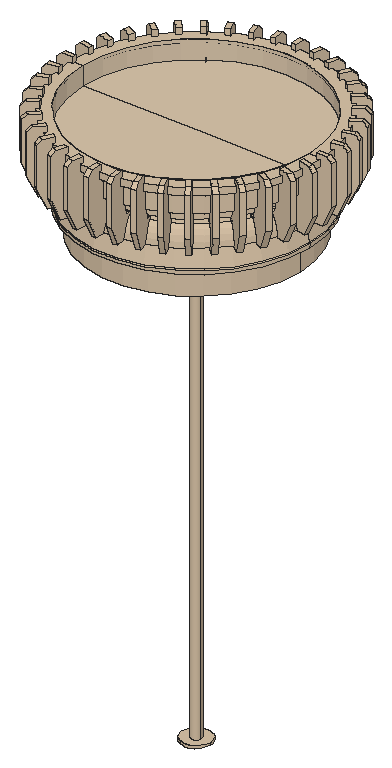
Revit family "KHL_Kemlux-Pendant", category Lighting Fixtures, host Face, Revit 2021
Family settings
  Host = Face
  Round Connector Dimension = Use Diameter
  Part Type = Normal
  OmniClass Number = 23.80.70.14
  OmniClass Title = Luminaries for External Lighting
  Cut with Voids When Loaded = No
  Light Source = Yes
  Shared = No
  Room Calculation Point = No
Parameters (values of type "KHL-18L-X-5K-5M")
  Wattage Comments = "43 Watts, 18 LEDs"
  Wattage = 43 W
  Watt = 43 W
  built-in parameter 1150110 = 1 (stored number, unit not read)
  Voltage = 277 V
  URL = "www.currentlighting.com/columbialighting"
  built-in parameter 1114217 = 1 (stored number, unit not read)
  Tilt Angle = -90.00°
  built-in parameter 1150109 = 1 (stored number, unit not read)
  built-in parameter 1150134 = 2
  built-in parameter 1150113 = 1 (stored number, unit not read)
  Product Page URL = ""
  Product Documentation Link = ""
  Power Factor = 1
  Photometric Web File = "KXL-18L-X-5K-5M.ies"
  Pendent Height [instance] = 2' - 0"
  Optics = "Type V Square"
  Model = "KHL - Kemlux III LED"  # constant formula
  Material Finish = Tan
  Manufacturer = "Columbia Lighting"  # constant formula
  built-in parameter 1150105 = 345.6 (stored number, unit not read)
  Lumens = 4343 lm
  built-in parameter 1150115 = 1 (stored number, unit not read)
  Load Classification = Lighting
  built-in parameter 1150137 = (empty or 0)
  built-in parameter 1150139 = (empty or 0)
  built-in parameter 1150112 = 1 (stored number, unit not read)
  built-in parameter 1150114 = 1 (stored number, unit not read)
  Lamp = "18 High Performanc LEDs"
  built-in parameter 1150132 = (empty or 0)
  built-in parameter 1150102 = (empty or 0)
  built-in parameter 1150107 = 5000 (stored number, unit not read)
  built-in parameter 1150138 = (empty or 0)
  built-in parameter 1150106 = 3.456 (stored number, unit not read)
  Glass = White Glass
  Emit from Circle Diameter = 0' - 11"
  Emit Shape Visible in Rendering = no
  built-in parameter 1150104 = 9.3832 (stored number, unit not read)
  Dimming Lamp Color Temperature Shift = <None>
  Description = "Class I, Division 2 LED Fixture Series"  # constant formula
  Default Elevation = 4' - 0"
  Color Filter = 16777215
  built-in parameter 1114218 = 1 (stored number, unit not read)
  built-in parameter 1150133 = 10 (stored number, unit not read)
  Apparent Load = Watt / Power Factor  # 43 VA
Reference planes (in)
  plane 1 "Center (Front/Back)": y = 0
  plane 2: z = 0
  plane 3 "Center (Left/Right)": x = 0
  plane 4: z = 24
  plane 5: x = -7
  plane 6: x = 7
  plane 7: z = 0.125
  plane 8: z = 29
Forms (in)
  Extrusion 1, solid, material "Tan" <- "Material Finish"
    sketch origin (0, 0, 0) x (1, 0, 0) y (0, 1, 0)
      loop
        circle (0, 0) r 0.75
    from 0 to 0.125
  Extrusion 2, solid, material "Tan" <- "Material Finish"
    sketch origin (0, 0, 0) x (1, 0, 0) y (0, 1, 0)
      loop
        circle (0, 0) r 0.25
    from 0.125 to 24
Dimensions and locks (in)
  "Pendent Height": plane 4 to plane 2
  equal spacing: plane 6, plane 3 "Center (Left/Right)", plane 5, locked at 7 each
  plane 7 to plane 2 = 0' - 0 1/8"
  locked: plane 8 to plane 4 at 5
  aligned and locked: plane 2 to host face
  aligned and locked: level to host face
  aligned and locked: nested 1 to plane 3 "Center (Left/Right)"
  aligned and locked: nested 1 to plane 1 "Center (Front/Back)"
  aligned and locked: plane 3 "Center (Left/Right)" to imposter light
  aligned and locked: imposter light to plane 1 "Center (Front/Back)"
  aligned and locked: plane 7 to Extrusion 1
  aligned and locked: Extrusion 1 to plane 2
  aligned and locked: Extrusion 2 to plane 7
  aligned and locked: plane 4 to Extrusion 2
  aligned and locked: plane 8 to imposter light
Automatic sketch dimensions
  host sketch curve to host sketch curve = 8' - 0"  (x2)
  plane 1 "Center (Front/Back)" to Extrusion 1 sketch curve = 0' - 0"
  Extrusion 1 sketch curve to plane 3 "Center (Left/Right)" = 0' - 0"
  plane 1 "Center (Front/Back)" to Extrusion 2 sketch curve = 0' - 0"
  Extrusion 2 sketch curve to plane 3 "Center (Left/Right)" = 0' - 0"
  radius of Extrusion 1 sketch curve = 0' - 0 3/4"
  radius of Extrusion 2 sketch curve = 0' - 0 1/4"
Nested families (in)
  nested 1: "KHL" at (0, 0, 24) x (-1, 0, 0) z (0, 0, 1), type "KHL"
Connectors (in)
  electrical at (0, 0, 0), driven by "Load Classification", driven by "Voltage", driven by "Apparent Load", driven by "Power Factor"
    settings: on Extrusion 1, index 1, voltage 277 V, apparent load 43 VA, apparent load phase1 0 VA, apparent load phase2 0 VA, apparent load phase3 0 VA, power factor 1, load classification "Lighting", number of poles 1, system type 30, power factor state 1, is connector primary yes, connector utility no, sub classification motor no, connector description "Lighting Connector"
Definition of nested family "KHL"
  Parameters
    Wattage Comments = ""
    URL = ""
    Model = ""
    Material Finish = none
    Manufacturer = ""
    Lamp = ""
    IES FILE LINK = ""
    Glass = none
    Description = ""
    Default Elevation = 4' - 0"
    Apparent Load = 0 VA
  Reference planes (in)
    plane 1 "Center (Front/Back)": y = 0
    plane 2: z = 0
    plane 3 "Center (Left/Right)": x = 0
    plane 4: z = 6
    plane 5: x = -7.25
    plane 6: x = 7.25
    plane 7: x = -5.5
    plane 8: x = 5.5
  Forms (in)
    Extrusion 1, solid
      sketch origin (0, 0, 0) x (1, 0, 0) y (0, 1, 0)
        loop
          line (-48, 48) -> (-48, -48) -> (48, -48) -> (48, 48) -> (-48, 48)
      from 0 to -12
    Revolve 2, solid, material <- "Material Finish"
      sketch origin (0, 0, 0) x (1, 0, 0) y (0, 0, 1)
        loop
          line (5.5, 0) -> (5.5, 1.3125) -> (6, 1.3125) -> (6, 1.47979) -> (5.5, 1.47979) -> (5.5, 1.5625) -> (5.99031, 1.5625) -> (5.73742, 2.6875) -> (6.24933, 2.6875)
          arc (6.24933, 2.6875) -> (6.15662, 3.19814) -> (5.89032, 3.6436) r 1.45262
          line (5.89032, 3.6436) -> (5.5, 3.6436) -> (5.5, 4.37254) -> (6.34375, 4.37254) -> (6.34375, 5.37007) -> (6.59375, 5.37007) -> (6.59375, 5.71977) -> (5.95302, 5.71977) -> (5.95302, 4.75) -> (0, 4.75) -> (0, 0) -> (5.5, 0)
        axis (0, 5.71977) -> (0, 0)
      angle from 0 to 360
    Extrusion 3, solid, material <- "Glass"
      sketch origin (0, 0, 0) x (1, 0, 0) y (0, 1, 0)
        loop
          circle (0, 0) r 5.95302
      from 5.71977 to 5.56262
    Extrusion 4, solid, material <- "Material Finish"
      sketch origin (0, 0, 0) x (1, 0, 0) y (0, 0, 1)
        loop
          line (6.42821, 6) -> (6.42821, 5.66655) -> (6.045, 3.7335) -> (5.75, 3.7335) -> (5.75, 3.06247) -> (6.1875, 3.06247) -> (6.31956, 2.66852) -> (6.75, 2.66852) -> (7.25, 3.69367) -> (7.25, 5.75) -> (7, 6) -> (6.42821, 6)
      from 0.125 to -0.125
    Extrusion 5, solid, material <- "Material Finish"
      sketch origin (0, 0, 0) x (0.987688, -0.156434, 0) y (0, 0, 1)
        loop
          line (6.42821, 6) -> (6.42821, 5.66655) -> (6.045, 3.7335) -> (5.75, 3.7335) -> (5.75, 3.06247) -> (6.1875, 3.06247) -> (6.31956, 2.66852) -> (6.75, 2.66852) -> (7.25, 3.69367) -> (7.25, 5.75) -> (7, 6) -> (6.42821, 6)
      from 0.125 to -0.125
    Extrusion 6, solid, material <- "Material Finish"
      sketch origin (0, 0, 0) x (0.951057, -0.309017, 0) y (0, 0, 1)
        loop
          line (6.42821, 6) -> (6.42821, 5.66655) -> (6.045, 3.7335) -> (5.75, 3.7335) -> (5.75, 3.06247) -> (6.1875, 3.06247) -> (6.31956, 2.66852) -> (6.75, 2.66852) -> (7.25, 3.69367) -> (7.25, 5.75) -> (7, 6) -> (6.42821, 6)
      from 0.125 to -0.125
    Extrusion 7, solid, material <- "Material Finish"
      sketch origin (0, 0, 0) x (0.891007, -0.45399, 0) y (0, 0, 1)
        loop
          line (6.42821, 6) -> (6.42821, 5.66655) -> (6.045, 3.7335) -> (5.75, 3.7335) -> (5.75, 3.06247) -> (6.1875, 3.06247) -> (6.31956, 2.66852) -> (6.75, 2.66852) -> (7.25, 3.69367) -> (7.25, 5.75) -> (7, 6) -> (6.42821, 6)
      from 0.125 to -0.125
    Extrusion 8, solid, material <- "Material Finish"
      sketch origin (0, 0, 0) x (0.809017, -0.587785, 0) y (0, 0, 1)
        loop
          line (6.42821, 6) -> (6.42821, 5.66655) -> (6.045, 3.7335) -> (5.75, 3.7335) -> (5.75, 3.06247) -> (6.1875, 3.06247) -> (6.31956, 2.66852) -> (6.75, 2.66852) -> (7.25, 3.69367) -> (7.25, 5.75) -> (7, 6) -> (6.42821, 6)
      from 0.125 to -0.125
    Extrusion 9, solid, material <- "Material Finish"
      sketch origin (0, 0, 0) x (0.707107, -0.707107, 0) y (0, 0, 1)
        loop
          line (6.42821, 6) -> (6.42821, 5.66655) -> (6.045, 3.7335) -> (5.75, 3.7335) -> (5.75, 3.06247) -> (6.1875, 3.06247) -> (6.31956, 2.66852) -> (6.75, 2.66852) -> (7.25, 3.69367) -> (7.25, 5.75) -> (7, 6) -> (6.42821, 6)
      from 0.125 to -0.125
    Extrusion 10, solid, material <- "Material Finish"
      sketch origin (0, 0, 0) x (0.587785, -0.809017, 0) y (0, 0, 1)
        loop
          line (6.42821, 6) -> (6.42821, 5.66655) -> (6.045, 3.7335) -> (5.75, 3.7335) -> (5.75, 3.06247) -> (6.1875, 3.06247) -> (6.31956, 2.66852) -> (6.75, 2.66852) -> (7.25, 3.69367) -> (7.25, 5.75) -> (7, 6) -> (6.42821, 6)
      from 0.125 to -0.125
    Extrusion 11, solid, material <- "Material Finish"
      sketch origin (0, 0, 0) x (0.45399, -0.891007, 0) y (0, 0, 1)
        loop
          line (6.42821, 6) -> (6.42821, 5.66655) -> (6.045, 3.7335) -> (5.75, 3.7335) -> (5.75, 3.06247) -> (6.1875, 3.06247) -> (6.31956, 2.66852) -> (6.75, 2.66852) -> (7.25, 3.69367) -> (7.25, 5.75) -> (7, 6) -> (6.42821, 6)
      from 0.125 to -0.125
    Extrusion 12, solid, material <- "Material Finish"
      sketch origin (0, 0, 0) x (0.309017, -0.951057, 0) y (0, 0, 1)
        loop
          line (6.42821, 6) -> (6.42821, 5.66655) -> (6.045, 3.7335) -> (5.75, 3.7335) -> (5.75, 3.06247) -> (6.1875, 3.06247) -> (6.31956, 2.66852) -> (6.75, 2.66852) -> (7.25, 3.69367) -> (7.25, 5.75) -> (7, 6) -> (6.42821, 6)
      from 0.125 to -0.125
    Extrusion 13, solid, material <- "Material Finish"
      sketch origin (0, 0, 0) x (0.156434, -0.987688, 0) y (0, 0, 1)
        loop
          line (6.42821, 6) -> (6.42821, 5.66655) -> (6.045, 3.7335) -> (5.75, 3.7335) -> (5.75, 3.06247) -> (6.1875, 3.06247) -> (6.31956, 2.66852) -> (6.75, 2.66852) -> (7.25, 3.69367) -> (7.25, 5.75) -> (7, 6) -> (6.42821, 6)
      from 0.125 to -0.125
    Extrusion 14, solid, material <- "Material Finish"
      sketch origin (0, 0, 0) x (0, -1, 0) y (0, 0, 1)
        loop
          line (6.42821, 6) -> (6.42821, 5.66655) -> (6.045, 3.7335) -> (5.75, 3.7335) -> (5.75, 3.06247) -> (6.1875, 3.06247) -> (6.31956, 2.66852) -> (6.75, 2.66852) -> (7.25, 3.69367) -> (7.25, 5.75) -> (7, 6) -> (6.42821, 6)
      from 0.125 to -0.125
    Extrusion 15, solid, material <- "Material Finish"
      sketch origin (0, 0, 0) x (-0.156434, -0.987688, 0) y (0, 0, 1)
        loop
          line (6.42821, 6) -> (6.42821, 5.66655) -> (6.045, 3.7335) -> (5.75, 3.7335) -> (5.75, 3.06247) -> (6.1875, 3.06247) -> (6.31956, 2.66852) -> (6.75, 2.66852) -> (7.25, 3.69367) -> (7.25, 5.75) -> (7, 6) -> (6.42821, 6)
      from 0.125 to -0.125
    Extrusion 16, solid, material <- "Material Finish"
      sketch origin (0, 0, 0) x (-0.309017, -0.951057, 0) y (0, 0, 1)
        loop
          line (6.42821, 6) -> (6.42821, 5.66655) -> (6.045, 3.7335) -> (5.75, 3.7335) -> (5.75, 3.06247) -> (6.1875, 3.06247) -> (6.31956, 2.66852) -> (6.75, 2.66852) -> (7.25, 3.69367) -> (7.25, 5.75) -> (7, 6) -> (6.42821, 6)
      from 0.125 to -0.125
    Extrusion 17, solid, material <- "Material Finish"
      sketch origin (0, 0, 0) x (-0.45399, -0.891007, 0) y (0, 0, 1)
        loop
          line (6.42821, 6) -> (6.42821, 5.66655) -> (6.045, 3.7335) -> (5.75, 3.7335) -> (5.75, 3.06247) -> (6.1875, 3.06247) -> (6.31956, 2.66852) -> (6.75, 2.66852) -> (7.25, 3.69367) -> (7.25, 5.75) -> (7, 6) -> (6.42821, 6)
      from 0.125 to -0.125
    Extrusion 18, solid, material <- "Material Finish"
      sketch origin (0, 0, 0) x (-0.587785, -0.809017, 0) y (0, 0, 1)
        loop
          line (6.42821, 6) -> (6.42821, 5.66655) -> (6.045, 3.7335) -> (5.75, 3.7335) -> (5.75, 3.06247) -> (6.1875, 3.06247) -> (6.31956, 2.66852) -> (6.75, 2.66852) -> (7.25, 3.69367) -> (7.25, 5.75) -> (7, 6) -> (6.42821, 6)
      from 0.125 to -0.125
    Extrusion 19, solid, material <- "Material Finish"
      sketch origin (0, 0, 0) x (-0.707107, -0.707107, 0) y (0, 0, 1)
        loop
          line (6.42821, 6) -> (6.42821, 5.66655) -> (6.045, 3.7335) -> (5.75, 3.7335) -> (5.75, 3.06247) -> (6.1875, 3.06247) -> (6.31956, 2.66852) -> (6.75, 2.66852) -> (7.25, 3.69367) -> (7.25, 5.75) -> (7, 6) -> (6.42821, 6)
      from 0.125 to -0.125
    Extrusion 20, solid, material <- "Material Finish"
      sketch origin (0, 0, 0) x (-0.809017, -0.587785, 0) y (0, 0, 1)
        loop
          line (6.42821, 6) -> (6.42821, 5.66655) -> (6.045, 3.7335) -> (5.75, 3.7335) -> (5.75, 3.06247) -> (6.1875, 3.06247) -> (6.31956, 2.66852) -> (6.75, 2.66852) -> (7.25, 3.69367) -> (7.25, 5.75) -> (7, 6) -> (6.42821, 6)
      from 0.125 to -0.125
    Extrusion 21, solid, material <- "Material Finish"
      sketch origin (0, 0, 0) x (-0.891007, -0.45399, 0) y (0, 0, 1)
        loop
          line (6.42821, 6) -> (6.42821, 5.66655) -> (6.045, 3.7335) -> (5.75, 3.7335) -> (5.75, 3.06247) -> (6.1875, 3.06247) -> (6.31956, 2.66852) -> (6.75, 2.66852) -> (7.25, 3.69367) -> (7.25, 5.75) -> (7, 6) -> (6.42821, 6)
      from 0.125 to -0.125
    Extrusion 22, solid, material <- "Material Finish"
      sketch origin (0, 0, 0) x (-0.951057, -0.309017, 0) y (0, 0, 1)
        loop
          line (6.42821, 6) -> (6.42821, 5.66655) -> (6.045, 3.7335) -> (5.75, 3.7335) -> (5.75, 3.06247) -> (6.1875, 3.06247) -> (6.31956, 2.66852) -> (6.75, 2.66852) -> (7.25, 3.69367) -> (7.25, 5.75) -> (7, 6) -> (6.42821, 6)
      from 0.125 to -0.125
    Extrusion 23, solid, material <- "Material Finish"
      sketch origin (0, 0, 0) x (-0.987688, -0.156434, 0) y (0, 0, 1)
        loop
          line (6.42821, 6) -> (6.42821, 5.66655) -> (6.045, 3.7335) -> (5.75, 3.7335) -> (5.75, 3.06247) -> (6.1875, 3.06247) -> (6.31956, 2.66852) -> (6.75, 2.66852) -> (7.25, 3.69367) -> (7.25, 5.75) -> (7, 6) -> (6.42821, 6)
      from 0.125 to -0.125
    Extrusion 24, solid, material <- "Material Finish"
      sketch origin (0, 0, 0) x (-1, 0, 0) y (0, 0, 1)
        loop
          line (6.42821, 6) -> (6.42821, 5.66655) -> (6.045, 3.7335) -> (5.75, 3.7335) -> (5.75, 3.06247) -> (6.1875, 3.06247) -> (6.31956, 2.66852) -> (6.75, 2.66852) -> (7.25, 3.69367) -> (7.25, 5.75) -> (7, 6) -> (6.42821, 6)
      from 0.125 to -0.125
    Extrusion 25, solid, material <- "Material Finish"
      sketch origin (0, 0, 0) x (-0.987688, 0.156434, 0) y (0, 0, 1)
        loop
          line (6.42821, 6) -> (6.42821, 5.66655) -> (6.045, 3.7335) -> (5.75, 3.7335) -> (5.75, 3.06247) -> (6.1875, 3.06247) -> (6.31956, 2.66852) -> (6.75, 2.66852) -> (7.25, 3.69367) -> (7.25, 5.75) -> (7, 6) -> (6.42821, 6)
      from 0.125 to -0.125
    Extrusion 26, solid, material <- "Material Finish"
      sketch origin (0, 0, 0) x (-0.951057, 0.309017, 0) y (0, 0, 1)
        loop
          line (6.42821, 6) -> (6.42821, 5.66655) -> (6.045, 3.7335) -> (5.75, 3.7335) -> (5.75, 3.06247) -> (6.1875, 3.06247) -> (6.31956, 2.66852) -> (6.75, 2.66852) -> (7.25, 3.69367) -> (7.25, 5.75) -> (7, 6) -> (6.42821, 6)
      from 0.125 to -0.125
    Extrusion 27, solid, material <- "Material Finish"
      sketch origin (0, 0, 0) x (-0.891007, 0.45399, 0) y (0, 0, 1)
        loop
          line (6.42821, 6) -> (6.42821, 5.66655) -> (6.045, 3.7335) -> (5.75, 3.7335) -> (5.75, 3.06247) -> (6.1875, 3.06247) -> (6.31956, 2.66852) -> (6.75, 2.66852) -> (7.25, 3.69367) -> (7.25, 5.75) -> (7, 6) -> (6.42821, 6)
      from 0.125 to -0.125
    Extrusion 28, solid, material <- "Material Finish"
      sketch origin (0, 0, 0) x (-0.809017, 0.587785, 0) y (0, 0, 1)
        loop
          line (6.42821, 6) -> (6.42821, 5.66655) -> (6.045, 3.7335) -> (5.75, 3.7335) -> (5.75, 3.06247) -> (6.1875, 3.06247) -> (6.31956, 2.66852) -> (6.75, 2.66852) -> (7.25, 3.69367) -> (7.25, 5.75) -> (7, 6) -> (6.42821, 6)
      from 0.125 to -0.125
    Extrusion 29, solid, material <- "Material Finish"
      sketch origin (0, 0, 0) x (-0.707107, 0.707107, 0) y (0, 0, 1)
        loop
          line (6.42821, 6) -> (6.42821, 5.66655) -> (6.045, 3.7335) -> (5.75, 3.7335) -> (5.75, 3.06247) -> (6.1875, 3.06247) -> (6.31956, 2.66852) -> (6.75, 2.66852) -> (7.25, 3.69367) -> (7.25, 5.75) -> (7, 6) -> (6.42821, 6)
      from 0.125 to -0.125
    Extrusion 30, solid, material <- "Material Finish"
      sketch origin (0, 0, 0) x (-0.587785, 0.809017, 0) y (0, 0, 1)
        loop
          line (6.42821, 6) -> (6.42821, 5.66655) -> (6.045, 3.7335) -> (5.75, 3.7335) -> (5.75, 3.06247) -> (6.1875, 3.06247) -> (6.31956, 2.66852) -> (6.75, 2.66852) -> (7.25, 3.69367) -> (7.25, 5.75) -> (7, 6) -> (6.42821, 6)
      from 0.125 to -0.125
    Extrusion 31, solid, material <- "Material Finish"
      sketch origin (0, 0, 0) x (-0.45399, 0.891007, 0) y (0, 0, 1)
        loop
          line (6.42821, 6) -> (6.42821, 5.66655) -> (6.045, 3.7335) -> (5.75, 3.7335) -> (5.75, 3.06247) -> (6.1875, 3.06247) -> (6.31956, 2.66852) -> (6.75, 2.66852) -> (7.25, 3.69367) -> (7.25, 5.75) -> (7, 6) -> (6.42821, 6)
      from 0.125 to -0.125
    Extrusion 32, solid, material <- "Material Finish"
      sketch origin (0, 0, 0) x (-0.309017, 0.951057, 0) y (0, 0, 1)
        loop
          line (6.42821, 6) -> (6.42821, 5.66655) -> (6.045, 3.7335) -> (5.75, 3.7335) -> (5.75, 3.06247) -> (6.1875, 3.06247) -> (6.31956, 2.66852) -> (6.75, 2.66852) -> (7.25, 3.69367) -> (7.25, 5.75) -> (7, 6) -> (6.42821, 6)
      from 0.125 to -0.125
    Extrusion 33, solid, material <- "Material Finish"
      sketch origin (0, 0, 0) x (-0.156434, 0.987688, 0) y (0, 0, 1)
        loop
          line (6.42821, 6) -> (6.42821, 5.66655) -> (6.045, 3.7335) -> (5.75, 3.7335) -> (5.75, 3.06247) -> (6.1875, 3.06247) -> (6.31956, 2.66852) -> (6.75, 2.66852) -> (7.25, 3.69367) -> (7.25, 5.75) -> (7, 6) -> (6.42821, 6)
      from 0.125 to -0.125
    Extrusion 34, solid, material <- "Material Finish"
      sketch origin (0, 0, 0) x (0, 1, 0) y (0, 0, 1)
        loop
          line (6.42821, 6) -> (6.42821, 5.66655) -> (6.045, 3.7335) -> (5.75, 3.7335) -> (5.75, 3.06247) -> (6.1875, 3.06247) -> (6.31956, 2.66852) -> (6.75, 2.66852) -> (7.25, 3.69367) -> (7.25, 5.75) -> (7, 6) -> (6.42821, 6)
      from 0.125 to -0.125
    Extrusion 35, solid, material <- "Material Finish"
      sketch origin (0, 0, 0) x (0.156434, 0.987688, 0) y (0, 0, 1)
        loop
          line (6.42821, 6) -> (6.42821, 5.66655) -> (6.045, 3.7335) -> (5.75, 3.7335) -> (5.75, 3.06247) -> (6.1875, 3.06247) -> (6.31956, 2.66852) -> (6.75, 2.66852) -> (7.25, 3.69367) -> (7.25, 5.75) -> (7, 6) -> (6.42821, 6)
      from 0.125 to -0.125
    Extrusion 36, solid, material <- "Material Finish"
      sketch origin (0, 0, 0) x (0.309017, 0.951057, 0) y (0, 0, 1)
        loop
          line (6.42821, 6) -> (6.42821, 5.66655) -> (6.045, 3.7335) -> (5.75, 3.7335) -> (5.75, 3.06247) -> (6.1875, 3.06247) -> (6.31956, 2.66852) -> (6.75, 2.66852) -> (7.25, 3.69367) -> (7.25, 5.75) -> (7, 6) -> (6.42821, 6)
      from 0.125 to -0.125
    Extrusion 37, solid, material <- "Material Finish"
      sketch origin (0, 0, 0) x (0.45399, 0.891007, 0) y (0, 0, 1)
        loop
          line (6.42821, 6) -> (6.42821, 5.66655) -> (6.045, 3.7335) -> (5.75, 3.7335) -> (5.75, 3.06247) -> (6.1875, 3.06247) -> (6.31956, 2.66852) -> (6.75, 2.66852) -> (7.25, 3.69367) -> (7.25, 5.75) -> (7, 6) -> (6.42821, 6)
      from 0.125 to -0.125
    Extrusion 38, solid, material <- "Material Finish"
      sketch origin (0, 0, 0) x (0.587785, 0.809017, 0) y (0, 0, 1)
        loop
          line (6.42821, 6) -> (6.42821, 5.66655) -> (6.045, 3.7335) -> (5.75, 3.7335) -> (5.75, 3.06247) -> (6.1875, 3.06247) -> (6.31956, 2.66852) -> (6.75, 2.66852) -> (7.25, 3.69367) -> (7.25, 5.75) -> (7, 6) -> (6.42821, 6)
      from 0.125 to -0.125
    Extrusion 39, solid, material <- "Material Finish"
      sketch origin (0, 0, 0) x (0.707107, 0.707107, 0) y (0, 0, 1)
        loop
          line (6.42821, 6) -> (6.42821, 5.66655) -> (6.045, 3.7335) -> (5.75, 3.7335) -> (5.75, 3.06247) -> (6.1875, 3.06247) -> (6.31956, 2.66852) -> (6.75, 2.66852) -> (7.25, 3.69367) -> (7.25, 5.75) -> (7, 6) -> (6.42821, 6)
      from 0.125 to -0.125
    Extrusion 40, solid, material <- "Material Finish"
      sketch origin (0, 0, 0) x (0.809017, 0.587785, 0) y (0, 0, 1)
        loop
          line (6.42821, 6) -> (6.42821, 5.66655) -> (6.045, 3.7335) -> (5.75, 3.7335) -> (5.75, 3.06247) -> (6.1875, 3.06247) -> (6.31956, 2.66852) -> (6.75, 2.66852) -> (7.25, 3.69367) -> (7.25, 5.75) -> (7, 6) -> (6.42821, 6)
      from 0.125 to -0.125
    Extrusion 41, solid, material <- "Material Finish"
      sketch origin (0, 0, 0) x (0.891007, 0.45399, 0) y (0, 0, 1)
        loop
          line (6.42821, 6) -> (6.42821, 5.66655) -> (6.045, 3.7335) -> (5.75, 3.7335) -> (5.75, 3.06247) -> (6.1875, 3.06247) -> (6.31956, 2.66852) -> (6.75, 2.66852) -> (7.25, 3.69367) -> (7.25, 5.75) -> (7, 6) -> (6.42821, 6)
      from 0.125 to -0.125
    Extrusion 42, solid, material <- "Material Finish"
      sketch origin (0, 0, 0) x (0.951057, 0.309017, 0) y (0, 0, 1)
        loop
          line (6.42821, 6) -> (6.42821, 5.66655) -> (6.045, 3.7335) -> (5.75, 3.7335) -> (5.75, 3.06247) -> (6.1875, 3.06247) -> (6.31956, 2.66852) -> (6.75, 2.66852) -> (7.25, 3.69367) -> (7.25, 5.75) -> (7, 6) -> (6.42821, 6)
      from 0.125 to -0.125
    Extrusion 43, solid, material <- "Material Finish"
      sketch origin (0, 0, 0) x (0.987688, 0.156434, 0) y (0, 0, 1)
        loop
          line (6.42821, 6) -> (6.42821, 5.66655) -> (6.045, 3.7335) -> (5.75, 3.7335) -> (5.75, 3.06247) -> (6.1875, 3.06247) -> (6.31956, 2.66852) -> (6.75, 2.66852) -> (7.25, 3.69367) -> (7.25, 5.75) -> (7, 6) -> (6.42821, 6)
      from 0.125 to -0.125
  Lines and regions (in)
    reference lines
      curve 1: line (5.95302, 0, 4.75) -> (0, 0, 4.75)
      curve 2: line (5.95302, 0, 5.92266) -> (5.95302, 0, 4.75)
      curve 3: line (6.59375, 0, 5.37007) -> (6.59375, 0, 5.92266)
      curve 4: line (6.34375, 0, 5.37007) -> (6.59375, 0, 5.37007)
      curve 5: line (6.34375, 0, 4.37254) -> (5.5, 0, 4.37254)
      curve 6: line (6.34375, 0, 4.37254) -> (6.34375, 0, 5.37007)
      curve 7: arc (6.25, 0, 2.75) -> (6.14885, 0, 3.28681) -> (5.85927, 0, 3.75) r 1.47501
      curve 8: line (5.85927, 0, 2.75) -> (6.25, 0, 2.75)
      curve 9: line (5.85927, 0, 2.75) -> (5.85927, 0, 1.75)
      curve 10: line (5.85927, 0, 1.75) -> (4.74529, 0, 1.75)
      curve 11: line (5.85927, 0, 3.75) -> (4.8978, 0, 3.75)
      curve 12: line (5.10824, 0, 5.71977) -> (6.99125, 0, 5.71977)
  Dimensions and locks (in)
    locked: plane 4 to plane 2 at 6
    equal spacing: plane 6, plane 3 "Center (Left/Right)", plane 5
    locked: plane 6 to plane 5 at 14.5
    equal spacing: plane 8, plane 3 "Center (Left/Right)", plane 7, locked at 5.5 each
    aligned and locked: plane 2 to Extrusion 1
    aligned and locked: level to Extrusion 1
    aligned and locked: Revolve 2 sketch curve to plane 2
    aligned and locked: Extrusion 3 sketch curve to Revolve 2
    aligned and locked: Revolve 2 sketch curve to curve 1
    aligned and locked: Revolve 2 sketch curve to plane 8
    aligned and locked: plane 8 to Revolve 2 sketch curve
    aligned and locked: curve 5 to Revolve 2 sketch curve
    aligned and locked: Revolve 2 sketch curve to curve 6
    aligned and locked: Revolve 2 sketch curve to curve 4
    aligned and locked: Revolve 2 sketch curve to curve 3
    aligned and locked: Revolve 2 sketch curve to curve 12
  Automatic sketch dimensions
    Extrusion 1 sketch curve to Extrusion 1 sketch curve = 8' - 0"  (x2)
    curve 1 to plane 3 "Center (Left/Right)" = 0' - 0"
    plane 8 to curve 5 = 0' - 0"
    plane 8 to curve 10 = 0' - 0.75471"
    plane 8 to curve 7 = 0' - 0.72501"
    plane 8 to curve 11 = 0' - 0.6022"
    plane 8 to curve 12 = 0' - 0.39176"
    curve 11 to plane 8 = 0' - 0.35927"
    curve 8 to plane 8 = 0' - 0.35927"
    curve 2 to plane 4 = 0' - 0.07734"
    curve 2 to plane 8 = 0' - 0.45302"
    curve 8 to curve 8 = 0' - 0.39073"
    curve 1 to curve 6 = 0' - 0.39073"
    curve 4 to curve 4 = 0' - 0 1/4"
    plane 6 to curve 12 = 0' - 0.25875"
    curve 12 to plane 4 = 0' - 0.28023"
    curve 6 to plane 4 = 0' - 0.62993"
    curve 2 to curve 4 = 0' - 0.62007"
    curve 5 to curve 1 = 0' - 0.37746"
    curve 11 to curve 5 = 0' - 0.62254"
    curve 9 to curve 8 = 0' - 1"
    curve 3 to plane 4 = 0' - 0.07734"
    Extrusion 4 sketch curve to Extrusion 4 sketch curve = 0' - 0 7/16"
    Extrusion 4 sketch curve to Extrusion 4 sketch curve = 0' - 0.13206"
    Extrusion 4 sketch curve to Extrusion 4 sketch curve = 0' - 0.295"
    Extrusion 4 sketch curve to Extrusion 4 sketch curve = 0' - 0.38321"
    Extrusion 4 sketch curve to Extrusion 4 sketch curve = 0' - 0.43044"
    Extrusion 4 sketch curve to Extrusion 4 sketch curve = 0' - 0.57179"
    Extrusion 4 sketch curve to Extrusion 4 sketch curve = 0' - 0 1/4"  (x2)
    Extrusion 4 sketch curve to Extrusion 4 sketch curve = 0' - 0.39395"
    Extrusion 4 sketch curve to Extrusion 4 sketch curve = 0' - 1.02515"
    Extrusion 4 sketch curve to Extrusion 4 sketch curve = 0' - 0.67103"
    Extrusion 4 sketch curve to Extrusion 4 sketch curve = 0' - 1.93305"
    Extrusion 4 sketch curve to Extrusion 4 sketch curve = 0' - 0.08345"
    Extrusion 5 sketch curve to Extrusion 5 sketch curve = 0' - 0 7/16"
    Extrusion 5 sketch curve to Extrusion 5 sketch curve = 0' - 0.13206"
    Extrusion 5 sketch curve to Extrusion 5 sketch curve = 0' - 0.295"
    Extrusion 5 sketch curve to Extrusion 5 sketch curve = 0' - 0.38321"
    Extrusion 5 sketch curve to Extrusion 5 sketch curve = 0' - 0.43044"
    Extrusion 5 sketch curve to Extrusion 5 sketch curve = 0' - 0.57179"
    Extrusion 5 sketch curve to Extrusion 5 sketch curve = 0' - 0 1/4"  (x2)
    Extrusion 5 sketch curve to Extrusion 5 sketch curve = 0' - 0.39395"
    Extrusion 5 sketch curve to Extrusion 5 sketch curve = 0' - 1.02515"
    Extrusion 5 sketch curve to Extrusion 5 sketch curve = 0' - 0.67103"
    Extrusion 5 sketch curve to Extrusion 5 sketch curve = 0' - 1.93305"
    Extrusion 5 sketch curve to Extrusion 5 sketch curve = 0' - 0.08345"
    Extrusion 6 sketch curve to Extrusion 6 sketch curve = 0' - 0 7/16"
    Extrusion 6 sketch curve to Extrusion 6 sketch curve = 0' - 0.13206"
    Extrusion 6 sketch curve to Extrusion 6 sketch curve = 0' - 0.295"
    Extrusion 6 sketch curve to Extrusion 6 sketch curve = 0' - 0.38321"
    Extrusion 6 sketch curve to Extrusion 6 sketch curve = 0' - 0.43044"
    Extrusion 6 sketch curve to Extrusion 6 sketch curve = 0' - 0.57179"
    Extrusion 6 sketch curve to Extrusion 6 sketch curve = 0' - 0 1/4"  (x2)
    Extrusion 6 sketch curve to Extrusion 6 sketch curve = 0' - 0.39395"
    Extrusion 6 sketch curve to Extrusion 6 sketch curve = 0' - 1.02515"
    Extrusion 6 sketch curve to Extrusion 6 sketch curve = 0' - 0.67103"
    Extrusion 6 sketch curve to Extrusion 6 sketch curve = 0' - 1.93305"
    Extrusion 6 sketch curve to Extrusion 6 sketch curve = 0' - 0.08345"
    Extrusion 7 sketch curve to Extrusion 7 sketch curve = 0' - 0 7/16"
    Extrusion 7 sketch curve to Extrusion 7 sketch curve = 0' - 0.13206"
    Extrusion 7 sketch curve to Extrusion 7 sketch curve = 0' - 0.295"
    Extrusion 7 sketch curve to Extrusion 7 sketch curve = 0' - 0.38321"
    Extrusion 7 sketch curve to Extrusion 7 sketch curve = 0' - 0.43044"
    Extrusion 7 sketch curve to Extrusion 7 sketch curve = 0' - 0.57179"
    Extrusion 7 sketch curve to Extrusion 7 sketch curve = 0' - 0 1/4"  (x2)
    Extrusion 7 sketch curve to Extrusion 7 sketch curve = 0' - 0.39395"
    Extrusion 7 sketch curve to Extrusion 7 sketch curve = 0' - 1.02515"
    Extrusion 7 sketch curve to Extrusion 7 sketch curve = 0' - 0.67103"
    Extrusion 7 sketch curve to Extrusion 7 sketch curve = 0' - 1.93305"
    Extrusion 7 sketch curve to Extrusion 7 sketch curve = 0' - 0.08345"
    Extrusion 8 sketch curve to Extrusion 8 sketch curve = 0' - 0 7/16"
    Extrusion 8 sketch curve to Extrusion 8 sketch curve = 0' - 0.13206"
    Extrusion 8 sketch curve to Extrusion 8 sketch curve = 0' - 0.295"
    Extrusion 8 sketch curve to Extrusion 8 sketch curve = 0' - 0.38321"
    Extrusion 8 sketch curve to Extrusion 8 sketch curve = 0' - 0.43044"
    Extrusion 8 sketch curve to Extrusion 8 sketch curve = 0' - 0.57179"
    Extrusion 8 sketch curve to Extrusion 8 sketch curve = 0' - 0 1/4"  (x2)
    Extrusion 8 sketch curve to Extrusion 8 sketch curve = 0' - 0.39395"
    Extrusion 8 sketch curve to Extrusion 8 sketch curve = 0' - 1.02515"
    Extrusion 8 sketch curve to Extrusion 8 sketch curve = 0' - 0.67103"
    Extrusion 8 sketch curve to Extrusion 8 sketch curve = 0' - 1.93305"
    Extrusion 8 sketch curve to Extrusion 8 sketch curve = 0' - 0.08345"
    Extrusion 9 sketch curve to Extrusion 9 sketch curve = 0' - 0 7/16"
    Extrusion 9 sketch curve to Extrusion 9 sketch curve = 0' - 0.13206"
    Extrusion 9 sketch curve to Extrusion 9 sketch curve = 0' - 0.295"
    Extrusion 9 sketch curve to Extrusion 9 sketch curve = 0' - 0.38321"
    Extrusion 9 sketch curve to Extrusion 9 sketch curve = 0' - 0.43044"
    Extrusion 9 sketch curve to Extrusion 9 sketch curve = 0' - 0.57179"
    Extrusion 9 sketch curve to Extrusion 9 sketch curve = 0' - 0 1/4"  (x2)
    Extrusion 9 sketch curve to Extrusion 9 sketch curve = 0' - 0.39395"
    Extrusion 9 sketch curve to Extrusion 9 sketch curve = 0' - 1.02515"
    Extrusion 9 sketch curve to Extrusion 9 sketch curve = 0' - 0.67103"
    Extrusion 9 sketch curve to Extrusion 9 sketch curve = 0' - 1.93305"
    Extrusion 9 sketch curve to Extrusion 9 sketch curve = 0' - 0.08345"
    Extrusion 10 sketch curve to Extrusion 10 sketch curve = 0' - 0 7/16"
    Extrusion 10 sketch curve to Extrusion 10 sketch curve = 0' - 0.13206"
    Extrusion 10 sketch curve to Extrusion 10 sketch curve = 0' - 0.295"
    Extrusion 10 sketch curve to Extrusion 10 sketch curve = 0' - 0.38321"
    Extrusion 10 sketch curve to Extrusion 10 sketch curve = 0' - 0.43044"
    Extrusion 10 sketch curve to Extrusion 10 sketch curve = 0' - 0.57179"
    Extrusion 10 sketch curve to Extrusion 10 sketch curve = 0' - 0 1/4"  (x2)
    Extrusion 10 sketch curve to Extrusion 10 sketch curve = 0' - 0.39395"
    Extrusion 10 sketch curve to Extrusion 10 sketch curve = 0' - 1.02515"
    Extrusion 10 sketch curve to Extrusion 10 sketch curve = 0' - 0.67103"
    Extrusion 10 sketch curve to Extrusion 10 sketch curve = 0' - 1.93305"
    Extrusion 10 sketch curve to Extrusion 10 sketch curve = 0' - 0.08345"
    Extrusion 11 sketch curve to Extrusion 11 sketch curve = 0' - 0 7/16"
    Extrusion 11 sketch curve to Extrusion 11 sketch curve = 0' - 0.13206"
    Extrusion 11 sketch curve to Extrusion 11 sketch curve = 0' - 0.295"
    Extrusion 11 sketch curve to Extrusion 11 sketch curve = 0' - 0.38321"
    Extrusion 11 sketch curve to Extrusion 11 sketch curve = 0' - 0.43044"
    Extrusion 11 sketch curve to Extrusion 11 sketch curve = 0' - 0.57179"
    Extrusion 11 sketch curve to Extrusion 11 sketch curve = 0' - 0 1/4"  (x2)
    Extrusion 11 sketch curve to Extrusion 11 sketch curve = 0' - 0.39395"
    Extrusion 11 sketch curve to Extrusion 11 sketch curve = 0' - 1.02515"
    Extrusion 11 sketch curve to Extrusion 11 sketch curve = 0' - 0.67103"
    Extrusion 11 sketch curve to Extrusion 11 sketch curve = 0' - 1.93305"
    Extrusion 11 sketch curve to Extrusion 11 sketch curve = 0' - 0.08345"
    Extrusion 12 sketch curve to Extrusion 12 sketch curve = 0' - 0 7/16"
    Extrusion 12 sketch curve to Extrusion 12 sketch curve = 0' - 0.13206"
    Extrusion 12 sketch curve to Extrusion 12 sketch curve = 0' - 0.295"
    Extrusion 12 sketch curve to Extrusion 12 sketch curve = 0' - 0.38321"
    Extrusion 12 sketch curve to Extrusion 12 sketch curve = 0' - 0.43044"
    Extrusion 12 sketch curve to Extrusion 12 sketch curve = 0' - 0.57179"
    Extrusion 12 sketch curve to Extrusion 12 sketch curve = 0' - 0 1/4"  (x2)
    Extrusion 12 sketch curve to Extrusion 12 sketch curve = 0' - 0.39395"
    Extrusion 12 sketch curve to Extrusion 12 sketch curve = 0' - 1.02515"
    Extrusion 12 sketch curve to Extrusion 12 sketch curve = 0' - 0.67103"
    Extrusion 12 sketch curve to Extrusion 12 sketch curve = 0' - 1.93305"
    Extrusion 12 sketch curve to Extrusion 12 sketch curve = 0' - 0.08345"
    Extrusion 13 sketch curve to Extrusion 13 sketch curve = 0' - 0 7/16"
    Extrusion 13 sketch curve to Extrusion 13 sketch curve = 0' - 0.13206"
    Extrusion 13 sketch curve to Extrusion 13 sketch curve = 0' - 0.295"
    Extrusion 13 sketch curve to Extrusion 13 sketch curve = 0' - 0.38321"
    Extrusion 13 sketch curve to Extrusion 13 sketch curve = 0' - 0.43044"
    Extrusion 13 sketch curve to Extrusion 13 sketch curve = 0' - 0.57179"
    Extrusion 13 sketch curve to Extrusion 13 sketch curve = 0' - 0 1/4"  (x2)
    Extrusion 13 sketch curve to Extrusion 13 sketch curve = 0' - 0.39395"
    Extrusion 13 sketch curve to Extrusion 13 sketch curve = 0' - 1.02515"
    Extrusion 13 sketch curve to Extrusion 13 sketch curve = 0' - 0.67103"
    Extrusion 13 sketch curve to Extrusion 13 sketch curve = 0' - 1.93305"
    Extrusion 13 sketch curve to Extrusion 13 sketch curve = 0' - 0.08345"
    Extrusion 14 sketch curve to Extrusion 14 sketch curve = 0' - 0 7/16"
    Extrusion 14 sketch curve to Extrusion 14 sketch curve = 0' - 0.13206"
    Extrusion 14 sketch curve to Extrusion 14 sketch curve = 0' - 0.295"
    Extrusion 14 sketch curve to Extrusion 14 sketch curve = 0' - 0.38321"
    Extrusion 14 sketch curve to Extrusion 14 sketch curve = 0' - 0.43044"
    Extrusion 14 sketch curve to Extrusion 14 sketch curve = 0' - 0.57179"
    Extrusion 14 sketch curve to Extrusion 14 sketch curve = 0' - 0 1/4"  (x2)
    Extrusion 14 sketch curve to Extrusion 14 sketch curve = 0' - 0.39395"
    Extrusion 14 sketch curve to Extrusion 14 sketch curve = 0' - 1.02515"
    Extrusion 14 sketch curve to Extrusion 14 sketch curve = 0' - 0.67103"
    Extrusion 14 sketch curve to Extrusion 14 sketch curve = 0' - 1.93305"
    Extrusion 14 sketch curve to Extrusion 14 sketch curve = 0' - 0.08345"
    Extrusion 15 sketch curve to Extrusion 15 sketch curve = 0' - 0 7/16"
    Extrusion 15 sketch curve to Extrusion 15 sketch curve = 0' - 0.13206"
    Extrusion 15 sketch curve to Extrusion 15 sketch curve = 0' - 0.295"
    Extrusion 15 sketch curve to Extrusion 15 sketch curve = 0' - 0.38321"
    Extrusion 15 sketch curve to Extrusion 15 sketch curve = 0' - 0.43044"
    Extrusion 15 sketch curve to Extrusion 15 sketch curve = 0' - 0.57179"
    Extrusion 15 sketch curve to Extrusion 15 sketch curve = 0' - 0 1/4"  (x2)
    Extrusion 15 sketch curve to Extrusion 15 sketch curve = 0' - 0.39395"
    Extrusion 15 sketch curve to Extrusion 15 sketch curve = 0' - 1.02515"
    Extrusion 15 sketch curve to Extrusion 15 sketch curve = 0' - 0.67103"
    Extrusion 15 sketch curve to Extrusion 15 sketch curve = 0' - 1.93305"
    Extrusion 15 sketch curve to Extrusion 15 sketch curve = 0' - 0.08345"
    Extrusion 16 sketch curve to Extrusion 16 sketch curve = 0' - 0 7/16"
    Extrusion 16 sketch curve to Extrusion 16 sketch curve = 0' - 0.13206"
    Extrusion 16 sketch curve to Extrusion 16 sketch curve = 0' - 0.295"
    Extrusion 16 sketch curve to Extrusion 16 sketch curve = 0' - 0.38321"
    Extrusion 16 sketch curve to Extrusion 16 sketch curve = 0' - 0.43044"
    Extrusion 16 sketch curve to Extrusion 16 sketch curve = 0' - 0.57179"
    Extrusion 16 sketch curve to Extrusion 16 sketch curve = 0' - 0 1/4"  (x2)
    Extrusion 16 sketch curve to Extrusion 16 sketch curve = 0' - 0.39395"
    Extrusion 16 sketch curve to Extrusion 16 sketch curve = 0' - 1.02515"
    Extrusion 16 sketch curve to Extrusion 16 sketch curve = 0' - 0.67103"
    Extrusion 16 sketch curve to Extrusion 16 sketch curve = 0' - 1.93305"
    Extrusion 16 sketch curve to Extrusion 16 sketch curve = 0' - 0.08345"
    Extrusion 17 sketch curve to Extrusion 17 sketch curve = 0' - 0 7/16"
    Extrusion 17 sketch curve to Extrusion 17 sketch curve = 0' - 0.13206"
    Extrusion 17 sketch curve to Extrusion 17 sketch curve = 0' - 0.295"
    Extrusion 17 sketch curve to Extrusion 17 sketch curve = 0' - 0.38321"
    Extrusion 17 sketch curve to Extrusion 17 sketch curve = 0' - 0.43044"
    Extrusion 17 sketch curve to Extrusion 17 sketch curve = 0' - 0.57179"
    Extrusion 17 sketch curve to Extrusion 17 sketch curve = 0' - 0 1/4"  (x2)
    Extrusion 17 sketch curve to Extrusion 17 sketch curve = 0' - 0.39395"
    Extrusion 17 sketch curve to Extrusion 17 sketch curve = 0' - 1.02515"
    Extrusion 17 sketch curve to Extrusion 17 sketch curve = 0' - 0.67103"
    Extrusion 17 sketch curve to Extrusion 17 sketch curve = 0' - 1.93305"
    Extrusion 17 sketch curve to Extrusion 17 sketch curve = 0' - 0.08345"
    Extrusion 18 sketch curve to Extrusion 18 sketch curve = 0' - 0 7/16"
    Extrusion 18 sketch curve to Extrusion 18 sketch curve = 0' - 0.13206"
    Extrusion 18 sketch curve to Extrusion 18 sketch curve = 0' - 0.295"
    Extrusion 18 sketch curve to Extrusion 18 sketch curve = 0' - 0.38321"
    Extrusion 18 sketch curve to Extrusion 18 sketch curve = 0' - 0.43044"
    Extrusion 18 sketch curve to Extrusion 18 sketch curve = 0' - 0.57179"
    Extrusion 18 sketch curve to Extrusion 18 sketch curve = 0' - 0 1/4"  (x2)
    Extrusion 18 sketch curve to Extrusion 18 sketch curve = 0' - 0.39395"
    Extrusion 18 sketch curve to Extrusion 18 sketch curve = 0' - 1.02515"
    Extrusion 18 sketch curve to Extrusion 18 sketch curve = 0' - 0.67103"
    Extrusion 18 sketch curve to Extrusion 18 sketch curve = 0' - 1.93305"
    Extrusion 18 sketch curve to Extrusion 18 sketch curve = 0' - 0.08345"
    Extrusion 19 sketch curve to Extrusion 19 sketch curve = 0' - 0 7/16"
    Extrusion 19 sketch curve to Extrusion 19 sketch curve = 0' - 0.13206"
    Extrusion 19 sketch curve to Extrusion 19 sketch curve = 0' - 0.295"
    Extrusion 19 sketch curve to Extrusion 19 sketch curve = 0' - 0.38321"
    Extrusion 19 sketch curve to Extrusion 19 sketch curve = 0' - 0.43044"
    Extrusion 19 sketch curve to Extrusion 19 sketch curve = 0' - 0.57179"
    Extrusion 19 sketch curve to Extrusion 19 sketch curve = 0' - 0 1/4"  (x2)
    Extrusion 19 sketch curve to Extrusion 19 sketch curve = 0' - 0.39395"
    Extrusion 19 sketch curve to Extrusion 19 sketch curve = 0' - 1.02515"
    Extrusion 19 sketch curve to Extrusion 19 sketch curve = 0' - 0.67103"
    Extrusion 19 sketch curve to Extrusion 19 sketch curve = 0' - 1.93305"
    Extrusion 19 sketch curve to Extrusion 19 sketch curve = 0' - 0.08345"
    Extrusion 20 sketch curve to Extrusion 20 sketch curve = 0' - 0 7/16"
    Extrusion 20 sketch curve to Extrusion 20 sketch curve = 0' - 0.13206"
    Extrusion 20 sketch curve to Extrusion 20 sketch curve = 0' - 0.295"
    Extrusion 20 sketch curve to Extrusion 20 sketch curve = 0' - 0.38321"
    Extrusion 20 sketch curve to Extrusion 20 sketch curve = 0' - 0.43044"
    Extrusion 20 sketch curve to Extrusion 20 sketch curve = 0' - 0.57179"
    Extrusion 20 sketch curve to Extrusion 20 sketch curve = 0' - 0 1/4"  (x2)
    Extrusion 20 sketch curve to Extrusion 20 sketch curve = 0' - 0.39395"
    Extrusion 20 sketch curve to Extrusion 20 sketch curve = 0' - 1.02515"
    Extrusion 20 sketch curve to Extrusion 20 sketch curve = 0' - 0.67103"
    Extrusion 20 sketch curve to Extrusion 20 sketch curve = 0' - 1.93305"
    Extrusion 20 sketch curve to Extrusion 20 sketch curve = 0' - 0.08345"
    Extrusion 21 sketch curve to Extrusion 21 sketch curve = 0' - 0 7/16"
    Extrusion 21 sketch curve to Extrusion 21 sketch curve = 0' - 0.13206"
    Extrusion 21 sketch curve to Extrusion 21 sketch curve = 0' - 0.295"
    Extrusion 21 sketch curve to Extrusion 21 sketch curve = 0' - 0.38321"
    Extrusion 21 sketch curve to Extrusion 21 sketch curve = 0' - 0.43044"
    Extrusion 21 sketch curve to Extrusion 21 sketch curve = 0' - 0.57179"
    Extrusion 21 sketch curve to Extrusion 21 sketch curve = 0' - 0 1/4"  (x2)
    Extrusion 21 sketch curve to Extrusion 21 sketch curve = 0' - 0.39395"
    Extrusion 21 sketch curve to Extrusion 21 sketch curve = 0' - 1.02515"
    Extrusion 21 sketch curve to Extrusion 21 sketch curve = 0' - 0.67103"
    Extrusion 21 sketch curve to Extrusion 21 sketch curve = 0' - 1.93305"
    Extrusion 21 sketch curve to Extrusion 21 sketch curve = 0' - 0.08345"
    Extrusion 22 sketch curve to Extrusion 22 sketch curve = 0' - 0 7/16"
    Extrusion 22 sketch curve to Extrusion 22 sketch curve = 0' - 0.13206"
    Extrusion 22 sketch curve to Extrusion 22 sketch curve = 0' - 0.295"
    Extrusion 22 sketch curve to Extrusion 22 sketch curve = 0' - 0.38321"
    Extrusion 22 sketch curve to Extrusion 22 sketch curve = 0' - 0.43044"
    Extrusion 22 sketch curve to Extrusion 22 sketch curve = 0' - 0.57179"
    Extrusion 22 sketch curve to Extrusion 22 sketch curve = 0' - 0 1/4"  (x2)
    Extrusion 22 sketch curve to Extrusion 22 sketch curve = 0' - 0.39395"
    Extrusion 22 sketch curve to Extrusion 22 sketch curve = 0' - 1.02515"
    Extrusion 22 sketch curve to Extrusion 22 sketch curve = 0' - 0.67103"
    Extrusion 22 sketch curve to Extrusion 22 sketch curve = 0' - 1.93305"
    Extrusion 22 sketch curve to Extrusion 22 sketch curve = 0' - 0.08345"
    Extrusion 23 sketch curve to Extrusion 23 sketch curve = 0' - 0 7/16"
    Extrusion 23 sketch curve to Extrusion 23 sketch curve = 0' - 0.13206"
    Extrusion 23 sketch curve to Extrusion 23 sketch curve = 0' - 0.295"
    Extrusion 23 sketch curve to Extrusion 23 sketch curve = 0' - 0.38321"
    Extrusion 23 sketch curve to Extrusion 23 sketch curve = 0' - 0.43044"
    Extrusion 23 sketch curve to Extrusion 23 sketch curve = 0' - 0.57179"
    Extrusion 23 sketch curve to Extrusion 23 sketch curve = 0' - 0 1/4"  (x2)
    Extrusion 23 sketch curve to Extrusion 23 sketch curve = 0' - 0.39395"
    Extrusion 23 sketch curve to Extrusion 23 sketch curve = 0' - 1.02515"
    Extrusion 23 sketch curve to Extrusion 23 sketch curve = 0' - 0.67103"
    Extrusion 23 sketch curve to Extrusion 23 sketch curve = 0' - 1.93305"
    Extrusion 23 sketch curve to Extrusion 23 sketch curve = 0' - 0.08345"
    Extrusion 24 sketch curve to Extrusion 24 sketch curve = 0' - 0 7/16"
    Extrusion 24 sketch curve to Extrusion 24 sketch curve = 0' - 0.13206"
    Extrusion 24 sketch curve to Extrusion 24 sketch curve = 0' - 0.295"
    Extrusion 24 sketch curve to Extrusion 24 sketch curve = 0' - 0.38321"
    Extrusion 24 sketch curve to Extrusion 24 sketch curve = 0' - 0.43044"
    Extrusion 24 sketch curve to Extrusion 24 sketch curve = 0' - 0.57179"
    Extrusion 24 sketch curve to Extrusion 24 sketch curve = 0' - 0 1/4"  (x2)
    Extrusion 24 sketch curve to Extrusion 24 sketch curve = 0' - 0.39395"
    Extrusion 24 sketch curve to Extrusion 24 sketch curve = 0' - 1.02515"
    Extrusion 24 sketch curve to Extrusion 24 sketch curve = 0' - 0.67103"
    Extrusion 24 sketch curve to Extrusion 24 sketch curve = 0' - 1.93305"
    Extrusion 24 sketch curve to Extrusion 24 sketch curve = 0' - 0.08345"
    Extrusion 25 sketch curve to Extrusion 25 sketch curve = 0' - 0 7/16"
    Extrusion 25 sketch curve to Extrusion 25 sketch curve = 0' - 0.13206"
    Extrusion 25 sketch curve to Extrusion 25 sketch curve = 0' - 0.295"
    Extrusion 25 sketch curve to Extrusion 25 sketch curve = 0' - 0.38321"
    Extrusion 25 sketch curve to Extrusion 25 sketch curve = 0' - 0.43044"
    Extrusion 25 sketch curve to Extrusion 25 sketch curve = 0' - 0.57179"
    Extrusion 25 sketch curve to Extrusion 25 sketch curve = 0' - 0 1/4"  (x2)
    Extrusion 25 sketch curve to Extrusion 25 sketch curve = 0' - 0.39395"
    Extrusion 25 sketch curve to Extrusion 25 sketch curve = 0' - 1.02515"
    Extrusion 25 sketch curve to Extrusion 25 sketch curve = 0' - 0.67103"
    Extrusion 25 sketch curve to Extrusion 25 sketch curve = 0' - 1.93305"
    Extrusion 25 sketch curve to Extrusion 25 sketch curve = 0' - 0.08345"
    Extrusion 26 sketch curve to Extrusion 26 sketch curve = 0' - 0 7/16"
    Extrusion 26 sketch curve to Extrusion 26 sketch curve = 0' - 0.13206"
    Extrusion 26 sketch curve to Extrusion 26 sketch curve = 0' - 0.295"
    Extrusion 26 sketch curve to Extrusion 26 sketch curve = 0' - 0.38321"
    Extrusion 26 sketch curve to Extrusion 26 sketch curve = 0' - 0.43044"
    Extrusion 26 sketch curve to Extrusion 26 sketch curve = 0' - 0.57179"
    Extrusion 26 sketch curve to Extrusion 26 sketch curve = 0' - 0 1/4"  (x2)
    Extrusion 26 sketch curve to Extrusion 26 sketch curve = 0' - 0.39395"
    Extrusion 26 sketch curve to Extrusion 26 sketch curve = 0' - 1.02515"
    Extrusion 26 sketch curve to Extrusion 26 sketch curve = 0' - 0.67103"
    Extrusion 26 sketch curve to Extrusion 26 sketch curve = 0' - 1.93305"
    Extrusion 26 sketch curve to Extrusion 26 sketch curve = 0' - 0.08345"
    Extrusion 27 sketch curve to Extrusion 27 sketch curve = 0' - 0 7/16"
    Extrusion 27 sketch curve to Extrusion 27 sketch curve = 0' - 0.13206"
    Extrusion 27 sketch curve to Extrusion 27 sketch curve = 0' - 0.295"
    Extrusion 27 sketch curve to Extrusion 27 sketch curve = 0' - 0.38321"
    Extrusion 27 sketch curve to Extrusion 27 sketch curve = 0' - 0.43044"
    Extrusion 27 sketch curve to Extrusion 27 sketch curve = 0' - 0.57179"
    Extrusion 27 sketch curve to Extrusion 27 sketch curve = 0' - 0 1/4"  (x2)
    Extrusion 27 sketch curve to Extrusion 27 sketch curve = 0' - 0.39395"
    Extrusion 27 sketch curve to Extrusion 27 sketch curve = 0' - 1.02515"
    Extrusion 27 sketch curve to Extrusion 27 sketch curve = 0' - 0.67103"
    Extrusion 27 sketch curve to Extrusion 27 sketch curve = 0' - 1.93305"
    Extrusion 27 sketch curve to Extrusion 27 sketch curve = 0' - 0.08345"
    Extrusion 28 sketch curve to Extrusion 28 sketch curve = 0' - 0 7/16"
    Extrusion 28 sketch curve to Extrusion 28 sketch curve = 0' - 0.13206"
    Extrusion 28 sketch curve to Extrusion 28 sketch curve = 0' - 0.295"
    Extrusion 28 sketch curve to Extrusion 28 sketch curve = 0' - 0.38321"
    Extrusion 28 sketch curve to Extrusion 28 sketch curve = 0' - 0.43044"
    Extrusion 28 sketch curve to Extrusion 28 sketch curve = 0' - 0.57179"
    Extrusion 28 sketch curve to Extrusion 28 sketch curve = 0' - 0 1/4"  (x2)
    Extrusion 28 sketch curve to Extrusion 28 sketch curve = 0' - 0.39395"
    Extrusion 28 sketch curve to Extrusion 28 sketch curve = 0' - 1.02515"
    Extrusion 28 sketch curve to Extrusion 28 sketch curve = 0' - 0.67103"
    Extrusion 28 sketch curve to Extrusion 28 sketch curve = 0' - 1.93305"
    Extrusion 28 sketch curve to Extrusion 28 sketch curve = 0' - 0.08345"
    Extrusion 29 sketch curve to Extrusion 29 sketch curve = 0' - 0 7/16"
    Extrusion 29 sketch curve to Extrusion 29 sketch curve = 0' - 0.13206"
    Extrusion 29 sketch curve to Extrusion 29 sketch curve = 0' - 0.295"
    Extrusion 29 sketch curve to Extrusion 29 sketch curve = 0' - 0.38321"
    Extrusion 29 sketch curve to Extrusion 29 sketch curve = 0' - 0.43044"
    Extrusion 29 sketch curve to Extrusion 29 sketch curve = 0' - 0.57179"
    Extrusion 29 sketch curve to Extrusion 29 sketch curve = 0' - 0 1/4"  (x2)
    Extrusion 29 sketch curve to Extrusion 29 sketch curve = 0' - 0.39395"
    Extrusion 29 sketch curve to Extrusion 29 sketch curve = 0' - 1.02515"
    Extrusion 29 sketch curve to Extrusion 29 sketch curve = 0' - 0.67103"
    Extrusion 29 sketch curve to Extrusion 29 sketch curve = 0' - 1.93305"
    Extrusion 29 sketch curve to Extrusion 29 sketch curve = 0' - 0.08345"
    Extrusion 30 sketch curve to Extrusion 30 sketch curve = 0' - 0 7/16"
    Extrusion 30 sketch curve to Extrusion 30 sketch curve = 0' - 0.13206"
    Extrusion 30 sketch curve to Extrusion 30 sketch curve = 0' - 0.295"
    Extrusion 30 sketch curve to Extrusion 30 sketch curve = 0' - 0.38321"
    Extrusion 30 sketch curve to Extrusion 30 sketch curve = 0' - 0.43044"
    Extrusion 30 sketch curve to Extrusion 30 sketch curve = 0' - 0.57179"
    Extrusion 30 sketch curve to Extrusion 30 sketch curve = 0' - 0 1/4"  (x2)
    Extrusion 30 sketch curve to Extrusion 30 sketch curve = 0' - 0.39395"
    Extrusion 30 sketch curve to Extrusion 30 sketch curve = 0' - 1.02515"
    Extrusion 30 sketch curve to Extrusion 30 sketch curve = 0' - 0.67103"
    Extrusion 30 sketch curve to Extrusion 30 sketch curve = 0' - 1.93305"
    Extrusion 30 sketch curve to Extrusion 30 sketch curve = 0' - 0.08345"
    Extrusion 31 sketch curve to Extrusion 31 sketch curve = 0' - 0 7/16"
    Extrusion 31 sketch curve to Extrusion 31 sketch curve = 0' - 0.13206"
    Extrusion 31 sketch curve to Extrusion 31 sketch curve = 0' - 0.295"
    Extrusion 31 sketch curve to Extrusion 31 sketch curve = 0' - 0.38321"
    Extrusion 31 sketch curve to Extrusion 31 sketch curve = 0' - 0.43044"
    Extrusion 31 sketch curve to Extrusion 31 sketch curve = 0' - 0.57179"
    Extrusion 31 sketch curve to Extrusion 31 sketch curve = 0' - 0 1/4"  (x2)
    Extrusion 31 sketch curve to Extrusion 31 sketch curve = 0' - 0.39395"
    Extrusion 31 sketch curve to Extrusion 31 sketch curve = 0' - 1.02515"
    Extrusion 31 sketch curve to Extrusion 31 sketch curve = 0' - 0.67103"
    Extrusion 31 sketch curve to Extrusion 31 sketch curve = 0' - 1.93305"
    Extrusion 31 sketch curve to Extrusion 31 sketch curve = 0' - 0.08345"
    Extrusion 32 sketch curve to Extrusion 32 sketch curve = 0' - 0 7/16"
    Extrusion 32 sketch curve to Extrusion 32 sketch curve = 0' - 0.13206"
    Extrusion 32 sketch curve to Extrusion 32 sketch curve = 0' - 0.295"
    Extrusion 32 sketch curve to Extrusion 32 sketch curve = 0' - 0.38321"
    Extrusion 32 sketch curve to Extrusion 32 sketch curve = 0' - 0.43044"
    Extrusion 32 sketch curve to Extrusion 32 sketch curve = 0' - 0.57179"
    Extrusion 32 sketch curve to Extrusion 32 sketch curve = 0' - 0 1/4"  (x2)
    Extrusion 32 sketch curve to Extrusion 32 sketch curve = 0' - 0.39395"
    Extrusion 32 sketch curve to Extrusion 32 sketch curve = 0' - 1.02515"
    Extrusion 32 sketch curve to Extrusion 32 sketch curve = 0' - 0.67103"
    Extrusion 32 sketch curve to Extrusion 32 sketch curve = 0' - 1.93305"
    Extrusion 32 sketch curve to Extrusion 32 sketch curve = 0' - 0.08345"
    Extrusion 33 sketch curve to Extrusion 33 sketch curve = 0' - 0 7/16"
    Extrusion 33 sketch curve to Extrusion 33 sketch curve = 0' - 0.13206"
    Extrusion 33 sketch curve to Extrusion 33 sketch curve = 0' - 0.295"
    Extrusion 33 sketch curve to Extrusion 33 sketch curve = 0' - 0.38321"
    Extrusion 33 sketch curve to Extrusion 33 sketch curve = 0' - 0.43044"
    Extrusion 33 sketch curve to Extrusion 33 sketch curve = 0' - 0.57179"
    Extrusion 33 sketch curve to Extrusion 33 sketch curve = 0' - 0 1/4"  (x2)
    Extrusion 33 sketch curve to Extrusion 33 sketch curve = 0' - 0.39395"
    Extrusion 33 sketch curve to Extrusion 33 sketch curve = 0' - 1.02515"
    Extrusion 33 sketch curve to Extrusion 33 sketch curve = 0' - 0.67103"
    Extrusion 33 sketch curve to Extrusion 33 sketch curve = 0' - 1.93305"
    Extrusion 33 sketch curve to Extrusion 33 sketch curve = 0' - 0.08345"
    Extrusion 34 sketch curve to Extrusion 34 sketch curve = 0' - 0 7/16"
    Extrusion 34 sketch curve to Extrusion 34 sketch curve = 0' - 0.13206"
    Extrusion 34 sketch curve to Extrusion 34 sketch curve = 0' - 0.295"
    Extrusion 34 sketch curve to Extrusion 34 sketch curve = 0' - 0.38321"
    Extrusion 34 sketch curve to Extrusion 34 sketch curve = 0' - 0.43044"
    Extrusion 34 sketch curve to Extrusion 34 sketch curve = 0' - 0.57179"
    Extrusion 34 sketch curve to Extrusion 34 sketch curve = 0' - 0 1/4"  (x2)
    Extrusion 34 sketch curve to Extrusion 34 sketch curve = 0' - 0.39395"
    Extrusion 34 sketch curve to Extrusion 34 sketch curve = 0' - 1.02515"
    Extrusion 34 sketch curve to Extrusion 34 sketch curve = 0' - 0.67103"
    Extrusion 34 sketch curve to Extrusion 34 sketch curve = 0' - 1.93305"
    Extrusion 34 sketch curve to Extrusion 34 sketch curve = 0' - 0.08345"
    Extrusion 35 sketch curve to Extrusion 35 sketch curve = 0' - 0 7/16"
    Extrusion 35 sketch curve to Extrusion 35 sketch curve = 0' - 0.13206"
    Extrusion 35 sketch curve to Extrusion 35 sketch curve = 0' - 0.295"
    Extrusion 35 sketch curve to Extrusion 35 sketch curve = 0' - 0.38321"
    Extrusion 35 sketch curve to Extrusion 35 sketch curve = 0' - 0.43044"
    Extrusion 35 sketch curve to Extrusion 35 sketch curve = 0' - 0.57179"
    Extrusion 35 sketch curve to Extrusion 35 sketch curve = 0' - 0 1/4"  (x2)
    Extrusion 35 sketch curve to Extrusion 35 sketch curve = 0' - 0.39395"
    Extrusion 35 sketch curve to Extrusion 35 sketch curve = 0' - 1.02515"
    Extrusion 35 sketch curve to Extrusion 35 sketch curve = 0' - 0.67103"
    Extrusion 35 sketch curve to Extrusion 35 sketch curve = 0' - 1.93305"
    Extrusion 35 sketch curve to Extrusion 35 sketch curve = 0' - 0.08345"
    Extrusion 36 sketch curve to Extrusion 36 sketch curve = 0' - 0 7/16"
    Extrusion 36 sketch curve to Extrusion 36 sketch curve = 0' - 0.13206"
    Extrusion 36 sketch curve to Extrusion 36 sketch curve = 0' - 0.295"
    Extrusion 36 sketch curve to Extrusion 36 sketch curve = 0' - 0.38321"
    Extrusion 36 sketch curve to Extrusion 36 sketch curve = 0' - 0.43044"
    Extrusion 36 sketch curve to Extrusion 36 sketch curve = 0' - 0.57179"
    Extrusion 36 sketch curve to Extrusion 36 sketch curve = 0' - 0 1/4"  (x2)
    Extrusion 36 sketch curve to Extrusion 36 sketch curve = 0' - 0.39395"
    Extrusion 36 sketch curve to Extrusion 36 sketch curve = 0' - 1.02515"
    Extrusion 36 sketch curve to Extrusion 36 sketch curve = 0' - 0.67103"
    Extrusion 36 sketch curve to Extrusion 36 sketch curve = 0' - 1.93305"
    Extrusion 36 sketch curve to Extrusion 36 sketch curve = 0' - 0.08345"
    Extrusion 37 sketch curve to Extrusion 37 sketch curve = 0' - 0 7/16"
    Extrusion 37 sketch curve to Extrusion 37 sketch curve = 0' - 0.13206"
    Extrusion 37 sketch curve to Extrusion 37 sketch curve = 0' - 0.295"
    Extrusion 37 sketch curve to Extrusion 37 sketch curve = 0' - 0.38321"
    Extrusion 37 sketch curve to Extrusion 37 sketch curve = 0' - 0.43044"
    Extrusion 37 sketch curve to Extrusion 37 sketch curve = 0' - 0.57179"
    Extrusion 37 sketch curve to Extrusion 37 sketch curve = 0' - 0 1/4"  (x2)
    Extrusion 37 sketch curve to Extrusion 37 sketch curve = 0' - 0.39395"
    Extrusion 37 sketch curve to Extrusion 37 sketch curve = 0' - 1.02515"
    Extrusion 37 sketch curve to Extrusion 37 sketch curve = 0' - 0.67103"
    Extrusion 37 sketch curve to Extrusion 37 sketch curve = 0' - 1.93305"
    Extrusion 37 sketch curve to Extrusion 37 sketch curve = 0' - 0.08345"
    Extrusion 38 sketch curve to Extrusion 38 sketch curve = 0' - 0 7/16"
    Extrusion 38 sketch curve to Extrusion 38 sketch curve = 0' - 0.13206"
    Extrusion 38 sketch curve to Extrusion 38 sketch curve = 0' - 0.295"
    Extrusion 38 sketch curve to Extrusion 38 sketch curve = 0' - 0.38321"
    Extrusion 38 sketch curve to Extrusion 38 sketch curve = 0' - 0.43044"
